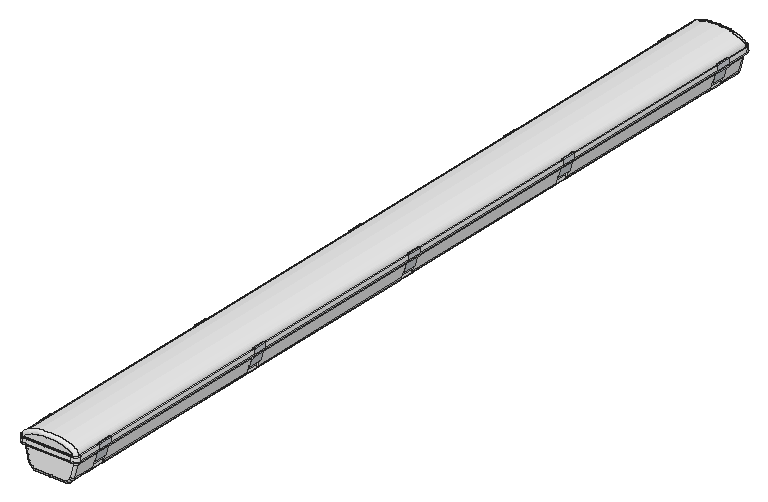
Revit family "0048810", category Lighting Fixtures, host Face, Revit 2017
Family settings
  Host = Face
  Round Connector Dimension = Use Diameter
  Part Type = Normal
  OmniClass Number = 23.80.70.11.14
  OmniClass Title = General Luminaries, Directional
  Cut with Voids When Loaded = No
  Light Source = Yes
  Shared = No
  Room Calculation Point = No
Parameters (values of type "0048810 HYDROPROOF LED G3 1500mm T 4K DALI E3 SSH01 Emergency mode")
  Width = 110 mm
  Weight = "2.97 kg"
  Wattage Comments = "n/a"
  Wattage = 1.64286 W
  WarrantyStartDate [instance] = "n/a"
  WarrantyGuarantorParts = "n/a"
  WarrantyDurationUnit = "n/a"
  WarrantyDurationParts = "n/a"
  WarrantyDescription = "n/a"
  built-in parameter 1150110 = 1 (stored number, unit not read)
  Voltage = 230 V
  URL = "http://www.sylvania-lighting.com"
  TypeName = "HYDROPROOF LED G3 1500mm T 4K DALI E3 SSH01"
  Type Image = <None>
  Type Comments = "n/a"
  built-in parameter 1114217 = 1 (stored number, unit not read)
  Tilt Angle = -90.00°
  built-in parameter 1150109 = 1 (stored number, unit not read)
  built-in parameter 1150134 = 12
  built-in parameter 1150113 = 1 (stored number, unit not read)
  SerialNumber [instance] = "n/a"
  ReflectorMaterial = none
  PowerFactor = 0
  PowerConsumption = "1.642 W"
  Photometric Web File = "0048810EM.ies"
  NominalWidth = 0 mm
  NominalLength = 1578 mm
  NominalHeight = 78 mm
  Name = "HYDROPROOF LED G3 1500mm T 4K DALI E3 SSH01"
  ModelReference = "HYDROPROOF LED G3 1500mm T 4K DALI E3 SSH01"
  ModelNumber = "0048810"
  Model = "HYDROPROOF LED G3 1500mm T 4K DALI E3 SSH01"
  Material = "grp housing, pmma diffuser"
  ManufacturerName = "Feilo Sylvania"
  Manufacturer = "Feilo Sylvania"
  LuminousEfficacy = "140 lm/W"
  built-in parameter 1150105 = 18.303 (stored number, unit not read)
  Lumens = 230 lm
  LuminaireType = ""
  built-in parameter 1150115 = 1 (stored number, unit not read)
  LightOutputRatio = "n/a"
  built-in parameter 1150137 = (empty or 0)
  built-in parameter 1150139 = (empty or 0)
  Length = 1572 mm
  LampsType = Lamp  # "LED"
  LampNominalLuminous = "230 lm"
  LampMacAdamStep = "3"
  LampColourTemperature = "4000 K"
  LampColourRenderingIndex = "80"
  built-in parameter 1150112 = 1 (stored number, unit not read)
  built-in parameter 1150114 = 1 (stored number, unit not read)
  Lamp = "LED"
  Keynote = "16500"
  InstallationDate [instance] = "n/a"
  InputVoltage = "220-240V~"
  InputNominalFrequency = "DC/50/60 Hz"
  built-in parameter 1150132 = (empty or 0)
  built-in parameter 1150102 = (empty or 0)
  built-in parameter 1150107 = 4000 (stored number, unit not read)
  built-in parameter 1150138 = (empty or 0)
  IngressProtection = "IP65"
  ImpactProtectionIndex = "IK02"
  built-in parameter 1150106 = 0.18303 (stored number, unit not read)
  IfcExportType = "IfcLightFixtureType"
  IfcExportAs = "IfcLightFixtureType"
  ExpectedLife = 50000
  Emit from Rectangle Width = Width - 20 mm  # 90 mm
  Emit from Rectangle Length = Length - 20 mm  # 1552 mm
  Emit Shape Visible in Rendering = no
  ElectricShockClassification = "Class I"
  built-in parameter 1150104 = 13.006 (stored number, unit not read)
  DurationUnit = "hours"
  DocumentationLiterature = "http://www.sylvania-lighting.com/product/en-int/products/0048808"
  DimmingControlOptions = "Dimmable"
  Dimming Lamp Color Temperature Shift = <None>
  DiffuserMaterial = Diffuser-Sylvania-Transparent
  Description = "Hydroproof, integrated LED chemical resistant weatherproof luminaire, with UV stabilized flat diffuser and linear prisms designed to achieve uniform lit appearance, optimise light output and to reduce glare, stainless steel diffuser clips and fixing brackets for surface and wall mounting. L 1578 mm x W 110 mm x H 78 mm size, GRP housing, PMMA diffuser, DALI dimmable, 3 hour emergency, 4000K, CRI80,  6900 lm, 49 W, 140 lm/W, nominal average life (h):50000, energy class: A++ A+ A Class I,IK02, IP65."
  Default Elevation = 1219.2 mm
  CreatedOn = "3/27/2018"
  CreatedBy = "aron.fodor@feilosylvania.com"
  Cost = 0
  Color Filter = 16777215
  built-in parameter 1114216 [instance] = (empty or 0)
  ClassificationValue = "EF_70_80"
  ClassificationName = "Uniclass2015"
  BodyMaterial = Body-Sylvania-Gray
  BarCode [instance] = "n/a"
  built-in parameter 1114218 = 1 (stored number, unit not read)
  built-in parameter 1150133 = 10 (stored number, unit not read)
  AssetType = "Fixed"
  AssetIdentifier [instance] = "n/a"
  Assembly Code = "D5020200"
  Apparent Load = 1.64286 VA
  AccessoryMaterial = Diffuser-Sylvania-Glow
Types (2, lengths in mm): name | Wattage | PowerConsumption | Photometric Web File | LuminousEfficacy | built-in parameter 1150105 | Lumens | LampNominalLuminous | built-in parameter 1150106 | built-in parameter 1150104 | Apparent Load
  0048810 HYDROPROOF LED G3 1500mm T 4K DALI E3 SSH01 Emergency mode | 1.64286 W | "1.642 W" | "0048810EM.ies" | "140 lm/W" | 18.303 (stored number, unit not read) | 230 lm | "230 lm" | 0.18303 (stored number, unit not read) | 13.006 (stored number, unit not read) | 1.64286 VA
  0048810 HYDROPROOF LED G3 1500mm T 4K DALI E3 SSH01 | 51 W | "51 W" | "0048810.ies" | "134.5 lm/W" | 545.9 (stored number, unit not read) | 6860 lm | "6900 lm" | 5.459 (stored number, unit not read) | 12.496 (stored number, unit not read) | 51 VA
Reference planes
  plane 1 "Center (Front/Back)": y = 0
  plane 2: z = 0
  plane 3 "Center (Left/Right)": x = 0
  plane 4: z = 54
  plane 5: x = -27.7
  plane 6: x = -34.8
  plane 7: x = -39.6
  plane 8: x = -42.2
  plane 9: z = 3
  plane 10: z = 7.8
  plane 11: z = 12.3
  plane 12: z = 36.6
  plane 13: z = 42.8
  plane 14: x = -51.1
  plane 15: z = 46.2
  plane 16: x = -55
  plane 17: y = 786
  plane 18: y = -786
  plane 19: x = 27.7
  plane 20: x = 34.8
  plane 21: x = 39.6
  plane 22: x = 42.2
  plane 23: x = 51.1
  plane 24: x = 55
  plane 25: y = 778.4
  plane 26: y = -778.4
  plane 27: y = -774.7
  plane 28: y = 774.7
  plane 29: z = 74
  plane 30: x = -51.5
  plane 31: x = 51.5
  plane 32: z = 55.2
  plane 33: y = -782.5
  plane 34: y = 782.5
  plane 35: x = -37.5
  plane 36: x = 37.5
  plane 37: x = -48.7
  plane 38: x = 48.7
  plane 39: x = 18
  plane 40: x = -18
  plane 41: z = 50.2
  plane 42: z = 24.6
  plane 43: y = 720
  plane 44: y = 706
  plane 45: y = 734
  plane 46: y = -720
  plane 47: y = 720
  plane 48: y = 706
  plane 49: y = 734
  plane 50: y = -720
  plane 51: y = -734
  plane 52: y = -706
  plane 53: y = 360
  plane 54: y = 346
  plane 55: y = 374
  plane 56: y = 0
  plane 57: y = -14
  plane 58: y = 14
  plane 59: y = -360
  plane 60: y = -374
  plane 61: y = -346
Forms (mm)
  Sweep 1, solid, material "Body-Sylvania-Gray" <- "BodyMaterial", detail levels medium+fine
    path origin (1223.4, -4572, 54) x (0, -1, 0) y (1, 0, 0)
      loop
        arc (-3796, -1278.4) -> (-3788.929, -1275.471) -> (-3786, -1268.4) r 10
        line (-3786, -1268.4) -> (-3786, -1178.4)
        arc (-3786, -1178.4) -> (-3788.929, -1171.329) -> (-3796, -1168.4) r 10
        line (-3796, -1168.4) -> (-5348, -1168.4)
        arc (-5348, -1168.4) -> (-5355.071, -1171.329) -> (-5358, -1178.4) r 10
        line (-5358, -1178.4) -> (-5358, -1268.4)
        arc (-5358, -1268.4) -> (-5355.071, -1275.471) -> (-5348, -1278.4) r 10
        line (-5348, -1278.4) -> (-3796, -1278.4)
    profile origin (-55, 0, 54) x (-1, 0, 0) y (0, 0, 1)
      loop
        line (0, 0) -> (-1, 0) -> (-1, -7.726)
        arc (-1, -7.726) -> (-1.994, -9.498) -> (-3.9, -10.2) r 2.937
        line (-3.9, -10.2) -> (-8.571, -10.2) -> (-8.571, -11.2) -> (-3.9, -11.2)
        arc (-3.9, -11.2) -> (-1.313, -10.231) -> (0, -7.8) r 3.937
        line (0, -7.8) -> (0, 0)
  Sweep 2, solid, material "Body-Sylvania-Gray" <- "BodyMaterial", detail levels medium+fine
    path origin (0, 0, 0) x (1, 0, 0) y (0, 0, 1)
      loop
        line (48.7, 42.8) -> (48.7, 36.6) -> (42.203, 12.31)
        arc (42.203, 12.31) -> (41.199, 9.884) -> (39.6, 7.8) r 10.052
        line (39.6, 7.8) -> (34.8, 3)
        arc (34.8, 3) -> (31.554, 0.781) -> (27.7, 0) r 9.902
        line (27.7, 0) -> (0, 0) -> (-27.7, 0)
        arc (-27.7, 0) -> (-31.554, 0.781) -> (-34.8, 3) r 9.902
        line (-34.8, 3) -> (-39.6, 7.8)
        arc (-39.6, 7.8) -> (-41.199, 9.884) -> (-42.203, 12.31) r 10.052
        line (-42.203, 12.31) -> (-48.7, 36.6) -> (-48.7, 42.8)
    profile origin (0, 0, 0) x (0, 0, -1) y (0, -1, 0)
      loop
        arc (0, 773.4) -> (-1.464, 776.936) -> (-5, 778.4) r 5
        line (-5, 778.4) -> (-7.8, 778.4) -> (-7.8, -778.4) -> (-5, -778.4)
        arc (-5, -778.4) -> (-1.464, -776.936) -> (0, -773.4) r 5
        line (0, -773.4) -> (0, 773.4)
  Extrusion 3, solid, material "Body-Sylvania-Gray" <- "BodyMaterial", detail levels medium+fine
    sketch origin (1524, 778.4, 1219.2) x (1, 0, 0) y (0, 0, 1)
      loop
        arc (-1558.668, -1204.874) -> (-1558.443, -1205.418) -> (-1558.085, -1205.885) r 2.252
        line (-1558.085, -1205.885) -> (-1553.231, -1210.738)
        arc (-1553.231, -1210.738) -> (-1552.534, -1211.227) -> (-1551.7, -1211.4) r 2.102
        line (-1551.7, -1211.4) -> (-1496.3, -1211.4)
        arc (-1496.3, -1211.4) -> (-1495.466, -1211.227) -> (-1494.769, -1210.738) r 2.102
        line (-1494.769, -1210.738) -> (-1489.915, -1205.885)
        arc (-1489.915, -1205.885) -> (-1489.557, -1205.418) -> (-1489.332, -1204.874) r 2.252
        line (-1489.332, -1204.874) -> (-1483.1, -1181.575) -> (-1483.1, -1176.4) -> (-1564.9, -1176.4) -> (-1564.9, -1181.575) -> (-1558.668, -1204.874)
    from 0 to 1556.8
  Sweep 4, solid, material "Diffuser-Sylvania-Transparent" <- "DiffuserMaterial", detail levels medium+fine
    path origin (0, 0, 0) x (1, 0, 0) y (0, 0, 1)
      loop
        spline (-51.5, 55.2) -> (-49.745, 60.066) -> (-44.6, 64.6) -> (-36.416, 68.494) -> (-25.75, 71.481) -> (-13.329, 73.359) -> (0, 74) -> (13.329, 73.359) -> (25.75, 71.481) -> (36.416, 68.494) -> (44.6, 64.6) -> (49.745, 60.066) -> (51.5, 55.2)
    profile origin (51.5, 0, 55.2) x (0, -1, 0) y (1, 0, 0)
      loop
        arc (782.5, -5.5) -> (780.889, -1.611) -> (777, 0) r 5.5
        line (777, 0) -> (-777, 0)
        arc (-777, 0) -> (-780.889, -1.611) -> (-782.5, -5.5) r 5.5
        line (-782.5, -5.5) -> (-782.5, -6.3) -> (-781.5, -6.3) -> (-781.5, -5.5)
        arc (-781.5, -5.5) -> (-780.182, -2.318) -> (-777, -1) r 4.5
        line (-777, -1) -> (777, -1)
        arc (777, -1) -> (780.182, -2.318) -> (781.5, -5.5) r 4.5
        line (781.5, -5.5) -> (781.5, -6.347) -> (782.5, -6.347) -> (782.5, -5.5)
  Extrusion 5, solid, material "Diffuser-Sylvania-Transparent" <- "DiffuserMaterial", detail levels medium+fine
    sketch origin (1524, -782.5, 1219.2) x (1, 0, 0) y (0, 0, 1)
      loop
        line (-1569.653, -1164) -> (-1478.347, -1164)
        spline (-1478.347, -1164) -> (-1478.969, -1162.594) -> (-1482.527, -1159.545) -> (-1489.588, -1156.201) -> (-1499.458, -1153.445) -> (-1511.242, -1151.663) -> (-1524, -1151.049) -> (-1536.758, -1151.663) -> (-1548.542, -1153.445) -> (-1558.412, -1156.201) -> (-1565.473, -1159.545) -> (-1569.031, -1162.594) -> (-1569.653, -1164)
    from 0 to -1
  Extrusion 6, solid, material "Diffuser-Sylvania-Transparent" <- "DiffuserMaterial", detail levels medium+fine
    sketch origin (1524, 782.5, 1219.2) x (1, 0, 0) y (0, 0, 1)
      loop
        spline (-1478.3, -1164) -> (-1478.931, -1162.565) -> (-1482.502, -1159.505) -> (-1489.572, -1156.155) -> (-1499.446, -1153.394) -> (-1511.236, -1151.614) -> (-1524, -1151.007) -> (-1536.764, -1151.614) -> (-1548.554, -1153.394) -> (-1558.428, -1156.155) -> (-1565.498, -1159.505) -> (-1569.069, -1162.565) -> (-1569.7, -1164)
        line (-1569.7, -1164) -> (-1478.3, -1164)
    from 0 to 1
  Extrusion 7, solid, material "Diffuser-Sylvania-Transparent" <- "DiffuserMaterial", detail levels medium+fine
    sketch origin (1223.4, -4572, 55.2) x (0, -1, 0) y (-1, 0, 0)
      loop
        arc (-5353.5, 1177.4) -> (-5352.182, 1174.218) -> (-5349, 1172.9) r 4.5
        line (-5349, 1172.9) -> (-3795, 1172.9)
        arc (-3795, 1172.9) -> (-3791.818, 1174.218) -> (-3790.5, 1177.4) r 4.5
        line (-3790.5, 1177.4) -> (-3790.5, 1269.4)
        arc (-3790.5, 1269.4) -> (-3791.818, 1272.582) -> (-3795, 1273.9) r 4.5
        line (-3795, 1273.9) -> (-5349, 1273.9)
        arc (-5349, 1273.9) -> (-5352.182, 1272.582) -> (-5353.5, 1269.4) r 4.5
        line (-5353.5, 1269.4) -> (-5353.5, 1177.4)
      loop
        line (-5358, 1268.4) -> (-5358, 1178.4)
        arc (-5358, 1178.4) -> (-5355.071, 1171.329) -> (-5348, 1168.4) r 10
        line (-5348, 1168.4) -> (-3796, 1168.4)
        arc (-3796, 1168.4) -> (-3788.929, 1171.329) -> (-3786, 1178.4) r 10
        line (-3786, 1178.4) -> (-3786, 1268.4)
        arc (-3786, 1268.4) -> (-3788.929, 1275.471) -> (-3796, 1278.4) r 10
        line (-3796, 1278.4) -> (-5348, 1278.4)
        arc (-5348, 1278.4) -> (-5355.071, 1275.471) -> (-5358, 1268.4) r 10
    from 0 to 1.2
  Extrusion 8, solid, material "Diffuser-Sylvania-Glow" <- "AccessoryMaterial", detail levels fine
    sketch origin (0, 0, 0) x (1, 0, 0) y (0, 0, 1)
      loop
        circle (-18, 50.2) r 8
      loop
        circle (18, 50.2) r 8
    from -774.7 to 774.7
  Extrusion 9, void
    sketch origin (0, 720, 2343.807) x (0, 0, -1) y (-1, 0, 0)
      loop
        line (2340.807, -37.5) -> (2331.507, -37.5) -> (2319.207, -42.2) -> (2319.207, -48.7) -> (2340.807, -48.7) -> (2340.807, -37.5)
      loop
        line (2340.807, 37.5) -> (2340.807, 48.7) -> (2319.207, 48.7) -> (2319.207, 42.2) -> (2331.507, 37.5) -> (2340.807, 37.5)
    from -14 to 14
  Extrusion 10, solid, material "Body-Sylvania-Gray" <- "BodyMaterial", detail levels coarse
    sketch origin (0, 0, 0) x (1, 0, 0) y (0, 0, 1)
      loop
        line (55, 42.8) -> (55, 55.2) -> (-55, 55.2) -> (-55, 42.791) -> (-42.2, 0) -> (42.2, 0) -> (55, 42.8)
    from -786 to 786
  Extrusion 11, solid, material "Diffuser-Sylvania-Transparent" <- "DiffuserMaterial", detail levels coarse
    sketch origin (0, 0, 0) x (1, 0, 0) y (0, 0, 1)
      loop
        arc (51.5, 55.2) -> (0, 74) -> (-51.5, 55.2) r 79.939
        line (-51.5, 55.2) -> (51.5, 55.2)
    from 778.4 to -778.4
  Extrusion 12, void, not visible
    sketch origin (0, 720, 2343.807) x (0, 0, -1) y (-1, 0, 0)
      loop
        line (2340.807, -37.5) -> (2331.507, -37.5) -> (2319.207, -42.2) -> (2319.207, -48.7) -> (2340.807, -48.7) -> (2340.807, -37.5)
      loop
        line (2340.807, 37.5) -> (2340.807, 48.7) -> (2319.207, 48.7) -> (2319.207, 42.2) -> (2331.507, 37.5) -> (2340.807, 37.5)
    from -14 to 14
  Extrusion 13, void
    sketch origin (0, -720, 2343.807) x (0, 0, -1) y (-1, 0, 0)
      loop
        line (2340.807, -37.5) -> (2331.507, -37.5) -> (2319.207, -42.2) -> (2319.207, -48.7) -> (2340.807, -48.7) -> (2340.807, -37.5)
      loop
        line (2340.807, 37.5) -> (2340.807, 48.7) -> (2319.207, 48.7) -> (2319.207, 42.2) -> (2331.507, 37.5) -> (2340.807, 37.5)
    from -14 to 14
  Extrusion 14, void
    sketch origin (0, 360, 2343.807) x (0, 0, -1) y (-1, 0, 0)
      loop
        line (2340.807, -37.5) -> (2331.507, -37.5) -> (2319.207, -42.2) -> (2319.207, -48.7) -> (2340.807, -48.7) -> (2340.807, -37.5)
      loop
        line (2340.807, 37.5) -> (2340.807, 48.7) -> (2319.207, 48.7) -> (2319.207, 42.2) -> (2331.507, 37.5) -> (2340.807, 37.5)
    from -14 to 14
  Extrusion 15, void
    sketch origin (0, 0, 2343.807) x (0, 0, -1) y (-1, 0, 0)
      loop
        line (2340.807, -37.5) -> (2331.507, -37.5) -> (2319.207, -42.2) -> (2319.207, -48.7) -> (2340.807, -48.7) -> (2340.807, -37.5)
      loop
        line (2340.807, 37.5) -> (2340.807, 48.7) -> (2319.207, 48.7) -> (2319.207, 42.2) -> (2331.507, 37.5) -> (2340.807, 37.5)
    from -14 to 14
  Extrusion 16, void
    sketch origin (0, -360, 2343.807) x (0, 0, -1) y (-1, 0, 0)
      loop
        line (2340.807, -37.5) -> (2331.507, -37.5) -> (2319.207, -42.2) -> (2319.207, -48.7) -> (2340.807, -48.7) -> (2340.807, -37.5)
      loop
        line (2340.807, 37.5) -> (2340.807, 48.7) -> (2319.207, 48.7) -> (2319.207, 42.2) -> (2331.507, 37.5) -> (2340.807, 37.5)
    from -14 to 14
Cuts and joins
  Extrusion 9, Extrusion 13, Extrusion 14, Extrusion 15, Extrusion 16 cuts Sweep 2
  Extrusion 13, Extrusion 14, Extrusion 15, Extrusion 16 cuts Extrusion 3
  joined: Sweep 2, Extrusion 3
  joined: Sweep 4, Extrusion 5, Extrusion 6
Dimensions and locks
  locked: plane 4 to plane 2 at 54
  plane 5 to plane 6 to plane 7 to plane 8 to plane 14 to plane 16 = 7.1 mm locked, 4.8 mm locked, 2.6 mm locked, 8.9 mm, 3.9 mm
  plane 4 to plane 15 to plane 13 to plane 12 to plane 11 to plane 10 to plane 9 = 7.8 mm locked, 3.4 mm, 6.2 mm locked, 24.3 mm locked, 4.5 mm locked, 4.8 mm locked
  equal spacing: plane 18, plane 1 "Center (Front/Back)", plane 17
  "Length": plane 18 to plane 17
  plane 19 to plane 20 to plane 21 to plane 22 to plane 23 to plane 24 = 7.1 mm locked, 4.8 mm locked, 2.6 mm locked, 8.9 mm, 3.9 mm
  equal spacing: plane 24, plane 3 "Center (Left/Right)", plane 16
  "Width": plane 24 to plane 16
  equal spacing: plane 27, plane 1 "Center (Front/Back)", plane 28
  locked: plane 26 to plane 27 at 3.7
  locked: Sweep 1 sketch curve to profile plane at 1
  locked: Sweep 1 sketch curve to plane 13 at 1
  locked: Sweep 1 sketch curve to plane 13 at 3.937  (x2)
  locked: Sweep 1 sketch curve to profile plane at 3.9  (x2)
  locked: plane 29 to plane 4 at 20
  equal spacing: plane 31, plane 3 "Center (Left/Right)", plane 30
  locked: plane 30 to plane 16 at 3.5
  locked: plane 32 to plane 4 at 1.2
  equal spacing: plane 33, plane 1 "Center (Front/Back)", plane 34
  equal spacing: plane 36, plane 3 "Center (Left/Right)", plane 35
  locked: plane 3 "Center (Left/Right)" to plane 35 at 37.5
  locked: plane 34 to plane 17 at 3.5
  equal spacing: plane 38, plane 3 "Center (Left/Right)", plane 37
  locked: plane 37 to plane 16 at 6.3
  equal spacing: plane 25, plane 1 "Center (Front/Back)", plane 26
  locked: plane 17 to plane 25 at 7.6
  locked: Sweep 2 sketch curve to plane 2 at 5  (x2)
  locked: Sweep 2 sketch curve to plane 26 at 5
  locked: plane 25 to Sweep 2 sketch curve at 5
  locked: Sweep 4 sketch curve to plane 31 at 5.5  (x2)
  locked: Sweep 4 sketch curve to plane 34 at 5.5
  plane 33 to Sweep 4 sketch curve = 5.5 mm
  locked: plane 34 to Sweep 4 sketch curve at 1
  locked: Sweep 4 sketch curve to plane 31 at 1
  locked: Sweep 4 sketch curve to Sweep 4 sketch curve at 1
  locked: Sweep 4 sketch curve to plane 31 at 6.347
  locked: Sweep 4 sketch curve to plane 31 at 6.3
  equal spacing: plane 39, plane 3 "Center (Left/Right)", plane 40
  locked: plane 3 "Center (Left/Right)" to plane 40 at 18
  locked: plane 42 to plane 2 at 24.6
  plane 45 to plane 43 to plane 44 = 14 mm locked, 14 mm locked
  locked: plane 17 to plane 43 at 66
  equal spacing: plane 43, plane 1 "Center (Front/Back)", plane 46
  plane 49 to plane 47 to plane 48 = 14 mm locked, 14 mm locked
  plane 52 to plane 50 to plane 51 = 14 mm locked, 14 mm locked  (x2)
  equal spacing: group 1, group 6, group 7, group 8, group 5  (x2)
  equal spacing: group 5, group 8, group 7, group 6, group 1
  plane 55 to plane 53 to plane 54 = 14 mm locked, 14 mm locked  (x2)
  plane 58 to plane 56 to plane 57 = 14 mm locked, 14 mm locked  (x2)
  plane 61 to plane 59 to plane 60 = 14 mm locked, 14 mm locked  (x2)
  plane 43 to plane 53 to plane 1 "Center (Front/Back)" to plane 59 to plane 50 = 360 mm locked, 360 mm locked, 360 mm locked, 360 mm locked
  aligned and locked: plane 2 to host face
  aligned and locked: level to host face
  aligned and locked: plane 16 to Sweep 1 sketch curve
  aligned and locked: Sweep 1 sketch curve to plane 24
  aligned and locked: plane 18 to Sweep 1 sketch curve
  aligned and locked: Sweep 1 sketch curve to plane 13
  aligned and locked: profile plane to Sweep 1 sketch curve
  aligned and locked: plane 3 "Center (Left/Right)" to Sweep 2 sketch curve
  aligned and locked: plane 9 to Sweep 2 sketch curve
  aligned and locked: plane 10 to Sweep 2 sketch curve
  aligned and locked: plane 37 to Sweep 2 sketch curve
  aligned and locked: plane 12 to Sweep 2 sketch curve
  aligned and locked: Sweep 2 sketch curve to level
  aligned and locked: plane 21 to Sweep 2 sketch curve
  aligned and locked: plane 38 to Sweep 2 sketch curve
  aligned and locked: profile plane to Sweep 2 sketch curve
  aligned and locked: plane 25 to Sweep 2 sketch curve
  aligned and locked: Sweep 2 sketch curve to plane 10
  aligned and locked: Extrusion 3 sketch curve to Sweep 2  (x7)
  aligned and locked: Sweep 2 to Extrusion 3 sketch curve
  aligned and locked: Extrusion 3 to plane 25
  aligned and locked: plane 26 to Extrusion 3
  aligned and locked: plane 32 to Sweep 4 sketch curve
  aligned and locked: plane 33 to Sweep 4 sketch curve
  aligned and locked: Sweep 4 to Extrusion 5
  aligned and locked: plane 33 to Extrusion 5
  aligned and locked: Extrusion 5 sketch curve to Sweep 4
  aligned and locked: cut or joined group of Sweep 4, Extrusion 5, Extrusion 6 to Extrusion 6 sketch curve
  aligned and locked: Extrusion 7 sketch curve to cut or joined group of Sweep 4, Extrusion 5, Extrusion 6  (x2)
  aligned and locked: cut or joined group of Sweep 4, Extrusion 5, Extrusion 6 to Extrusion 7 sketch curve  (x2)
  aligned and locked: plane 41 to Extrusion 8 sketch curve  (x2)
  aligned and locked: plane 39 to Extrusion 8 sketch curve
  aligned and locked: plane 27 to Extrusion 8
  aligned and locked: Extrusion 8 to plane 28
  aligned and locked: Extrusion 9 to plane 42
  aligned and locked: plane 9 to Extrusion 9
  aligned and locked: plane 44 to Extrusion 9
  aligned and locked: Extrusion 9 to plane 45
  aligned and locked: Extrusion 7 sketch curve to Sweep 1  (x4)
  aligned and locked: plane 4 to Extrusion 7
  aligned and locked: Extrusion 7 to plane 32
  aligned and locked: nested 2 to plane 43
  aligned and locked: plane 43 to nested 1
  aligned and locked: Extrusion 10 sketch curve to plane 24
  aligned and locked: Extrusion 10 sketch curve to Extrusion 7
  aligned and locked: plane 8 to Extrusion 10 sketch curve
  aligned and locked: plane 22 to Extrusion 10 sketch curve
  aligned and locked: level to Extrusion 10 sketch curve
  aligned and locked: Extrusion 10 to plane 17
  aligned and locked: plane 18 to Extrusion 10
  aligned and locked: cut or joined group of Sweep 4, Extrusion 5, Extrusion 6 to Extrusion 11 sketch curve
  aligned and locked: Extrusion 11 sketch curve to cut or joined group of Sweep 4, Extrusion 5, Extrusion 6  (x2)
  aligned and locked: plane 31 to Extrusion 11 sketch curve
  aligned and locked: plane 30 to Extrusion 11 sketch curve
  aligned and locked: plane 26 to Extrusion 11
  aligned and locked: Extrusion 11 to plane 25
  aligned and locked: imposter light to plane 29
  aligned and locked: plane 3 "Center (Left/Right)" to imposter light
  aligned and locked: plane 1 "Center (Front/Back)" to imposter light
  aligned and locked: plane 51 to Extrusion 13
  aligned and locked: Extrusion 13 to plane 52
  aligned and locked: plane 54 to Extrusion 14
  aligned and locked: Extrusion 14 to plane 55
  aligned and locked: plane 57 to Extrusion 15
  aligned and locked: Extrusion 15 to plane 58
  aligned and locked: plane 60 to Extrusion 16
  aligned and locked: Extrusion 16 to plane 61
  aligned and locked: nested 3 to plane 53
  aligned and locked: plane 53 to nested 10
  aligned and locked: nested 4 to plane 56
  aligned and locked: plane 56 to nested 9
  aligned and locked: nested 5 to plane 59
  aligned and locked: plane 59 to nested 8
  aligned and locked: nested 6 to plane 50
  aligned and locked: plane 50 to nested 7
Automatic sketch dimensions
  host sketch curve to host sketch curve = 2438.4 mm  (x2)
  plane 17 to Sweep 1 sketch curve = 0 mm
  Sweep 1 sketch curve to plane 28 = 1.3 mm
  Sweep 1 sketch curve to plane 7 = 5.4 mm
  plane 27 to Sweep 1 sketch curve = 1.3 mm  (x2)
  Sweep 1 sketch curve to Sweep 1 sketch curve = 4.671 mm
  Sweep 1 sketch curve to plane 4 = 0 mm
  Sweep 2 sketch curve to plane 7 = 0 mm
  Sweep 2 sketch curve to plane 6 = 0 mm
  Sweep 2 sketch curve to plane 5 = 0 mm
  plane 19 to Sweep 2 sketch curve = 0 mm
  Sweep 2 sketch curve to plane 9 = 0 mm
  plane 20 to Sweep 2 sketch curve = 0 mm
  Sweep 2 sketch curve to plane 12 = 0 mm
  Sweep 2 sketch curve to plane 10 = 0 mm
  Sweep 2 sketch curve to plane 13 = 0 mm  (x2)
  Sweep 2 sketch curve to plane 8 = 0.003 mm
  plane 6 to Sweep 2 sketch curve = 2.308 mm
  plane 20 to Sweep 2 sketch curve = 2.308 mm
  Sweep 2 sketch curve to plane 22 = 0.003 mm
  Sweep 2 sketch curve to plane 11 = 0.01 mm  (x2)
  Extrusion 3 sketch curve to plane 5 = 0 mm
  plane 19 to Extrusion 3 sketch curve = 0 mm
  plane 6 to Extrusion 3 sketch curve = 0.132 mm
  plane 6 to Extrusion 3 sketch curve = 0.715 mm
  Extrusion 3 sketch curve to Extrusion 3 sketch curve = 1.592 mm
  Extrusion 3 sketch curve to plane 10 = 0.662 mm  (x2)
  plane 20 to Extrusion 3 sketch curve = 2.308 mm
  plane 20 to Extrusion 3 sketch curve = 0.715 mm
  plane 20 to Extrusion 3 sketch curve = 0.132 mm
  Sweep 4 sketch curve to plane 30 = 0 mm
  Sweep 4 sketch curve to plane 3 "Center (Left/Right)" = 0 mm
  Sweep 4 sketch curve to Sweep 4 sketch curve = 0 mm  (x2)
  plane 37 to Extrusion 5 sketch curve = 3.047 mm
  Extrusion 5 sketch curve to plane 38 = 3.047 mm
  plane 37 to Extrusion 6 sketch curve = 3 mm
  Extrusion 6 sketch curve to plane 38 = 3 mm
  plane 25 to Extrusion 7 sketch curve = 1.4 mm  (x2)
  Extrusion 7 sketch curve to plane 26 = 1.4 mm  (x2)
  Extrusion 8 sketch curve to plane 40 = 0 mm
  Extrusion 9 sketch curve to Extrusion 9 sketch curve = 0 mm
  Extrusion 9 sketch curve to Extrusion 9 sketch curve = 12.3 mm  (x2)
  Extrusion 9 sketch curve to Extrusion 9 sketch curve = 9.3 mm  (x2)
  Extrusion 9 sketch curve to Extrusion 9 sketch curve = 6.5 mm
  Extrusion 9 sketch curve to Extrusion 9 sketch curve = 4.7 mm  (x2)
  Extrusion 9 sketch curve to Extrusion 9 sketch curve = 75 mm
  Extrusion 9 sketch curve to Extrusion 9 sketch curve = 11.2 mm
  Extrusion 10 sketch curve to plane 13 = 0 mm
  plane 13 to Extrusion 10 sketch curve = 0.009 mm
  Extrusion 11 sketch curve to level = 5.939 mm
  Extrusion 10 sketch curve to plane 16 = 0 mm
  Extrusion 12 sketch curve to Extrusion 12 sketch curve = 0 mm
  Extrusion 12 sketch curve to Extrusion 12 sketch curve = 12.3 mm  (x2)
  Extrusion 12 sketch curve to Extrusion 12 sketch curve = 9.3 mm  (x2)
  Extrusion 12 sketch curve to Extrusion 12 sketch curve = 6.5 mm
  Extrusion 12 sketch curve to Extrusion 12 sketch curve = 4.7 mm  (x2)
  Extrusion 12 sketch curve to Extrusion 12 sketch curve = 75 mm
  Extrusion 12 sketch curve to Extrusion 12 sketch curve = 11.2 mm
  Extrusion 13 sketch curve to Extrusion 13 sketch curve = 0 mm
  Extrusion 13 sketch curve to Extrusion 13 sketch curve = 12.3 mm  (x2)
  Extrusion 13 sketch curve to Extrusion 13 sketch curve = 9.3 mm  (x2)
  Extrusion 13 sketch curve to Extrusion 13 sketch curve = 6.5 mm
  Extrusion 13 sketch curve to Extrusion 13 sketch curve = 4.7 mm  (x2)
  Extrusion 13 sketch curve to Extrusion 13 sketch curve = 75 mm
  Extrusion 13 sketch curve to Extrusion 13 sketch curve = 11.2 mm
  Extrusion 14 sketch curve to Extrusion 14 sketch curve = 0 mm
  Extrusion 14 sketch curve to Extrusion 14 sketch curve = 12.3 mm  (x2)
  Extrusion 14 sketch curve to Extrusion 14 sketch curve = 9.3 mm  (x2)
  Extrusion 14 sketch curve to Extrusion 14 sketch curve = 6.5 mm
  Extrusion 14 sketch curve to Extrusion 14 sketch curve = 4.7 mm  (x2)
  Extrusion 14 sketch curve to Extrusion 14 sketch curve = 75 mm
  Extrusion 14 sketch curve to Extrusion 14 sketch curve = 11.2 mm
  Extrusion 15 sketch curve to Extrusion 15 sketch curve = 0 mm
  Extrusion 15 sketch curve to Extrusion 15 sketch curve = 12.3 mm  (x2)
  Extrusion 15 sketch curve to Extrusion 15 sketch curve = 9.3 mm  (x2)
  Extrusion 15 sketch curve to Extrusion 15 sketch curve = 6.5 mm
  Extrusion 15 sketch curve to Extrusion 15 sketch curve = 4.7 mm  (x2)
  Extrusion 15 sketch curve to Extrusion 15 sketch curve = 75 mm
  Extrusion 15 sketch curve to Extrusion 15 sketch curve = 11.2 mm
  Extrusion 16 sketch curve to Extrusion 16 sketch curve = 0 mm
  Extrusion 16 sketch curve to Extrusion 16 sketch curve = 12.3 mm  (x2)
  Extrusion 16 sketch curve to Extrusion 16 sketch curve = 9.3 mm  (x2)
  Extrusion 16 sketch curve to Extrusion 16 sketch curve = 6.5 mm
  Extrusion 16 sketch curve to Extrusion 16 sketch curve = 4.7 mm  (x2)
  Extrusion 16 sketch curve to Extrusion 16 sketch curve = 75 mm
  Extrusion 16 sketch curve to Extrusion 16 sketch curve = 11.2 mm
  radius of Extrusion 8 sketch curve = 8 mm  (x2)
Nested families
  nested 1: "Clip" at (42.2, 720, 24.6), type "Clip", detail levels fine
  nested 2: "Clip" at (-42.2, 720, 24.6) x (-1, 0, 0) z (0, 0, 1), type "Clip", detail levels fine
  nested 3: "Clip" at (-42.2, 360, 24.6) x (-1, 0, 0) z (0, 0, 1), type "Clip", detail levels fine
  nested 4: "Clip" at (-42.2, 0, 24.6) x (-1, 0, 0) z (0, 0, 1), type "Clip", detail levels fine
  nested 5: "Clip" at (-42.2, -360, 24.6) x (-1, 0, 0) z (0, 0, 1), type "Clip", detail levels fine
  nested 6: "Clip" at (-42.2, -720, 24.6) x (-1, 0, 0) z (0, 0, 1), type "Clip", detail levels fine
  nested 7: "Clip" at (42.2, -720, 24.6), type "Clip", detail levels fine
  nested 8: "Clip" at (42.2, -360, 24.6), type "Clip", detail levels fine
  nested 9: "Clip" at (42.2, 0, 24.6), type "Clip", detail levels fine
  nested 10: "Clip" at (42.2, 360, 24.6), type "Clip", detail levels fine
Connectors
  electrical at (0, 0, 0), driven by "Apparent Load"
    settings: index 1, voltage 230 V, apparent load 1.64286 VA, apparent load phase1 0 VA, apparent load phase2 0 VA, apparent load phase3 0 VA, power factor 0, load classification "Lighting", number of poles 1, system type 30, power factor state 1, is connector primary yes, connector utility no, sub classification motor no, connector description ""
Definition of nested family "Clip"
  Parameters (values of type "Clip")
    URL = "http://www.feilosylvania.com"
    Type Comments = "n/a"
    Model = "n/a"
    Manufacturer = "Feilo Sylvania"
    Keynote = "n/a"
    Description = "n/a"
    Default Elevation = 1219.2 mm
    Cost = 0
    BodyMaterial = none
    Assembly Code = "n/a"
  Reference planes
    plane 1 "Center (Front/Back)": y = 0
    plane 2: z = 0
    plane 3 "Center (Left/Right)": x = 0
    plane 4: x = 3.3
    plane 5: x = 6.5
    plane 6: x = 8.9
    plane 7: x = 12.8
    plane 8: z = 12
    plane 9: z = 18.2
    plane 10: z = 21.6
    plane 11: z = 30.6
    plane 12: x = 9.3
    plane 13: z = 19.2
    plane 14: z = 16.2
    plane 15: x = 10.1
    plane 16: y = 12
    plane 17: y = -12
  Forms (mm)
    Extrusion 1, solid
      sketch origin (-0.8, 0, 0) x (1, 0, 0) y (0, 1, 0)
        loop
          line (-1219.2, 1219.2) -> (-1219.2, -1219.2) -> (1219.2, -1219.2) -> (1219.2, 1219.2) -> (-1219.2, 1219.2)
      from 0 to -304.8
    Extrusion 2, solid
      sketch origin (0, 0, 0) x (1, 0, 0) y (0, 0, 1)
        loop
          line (8.9, 16.2) -> (4.58, 0) -> (0, 0) -> (0, -0.8) -> (5.195, -0.8) -> (9.603, 15.731) -> (13.6, 18.806) -> (13.6, 30.6)
          arc (13.6, 30.6) -> (11.45, 32.75) -> (9.3, 30.6) r 2.15
          line (9.3, 30.6) -> (10.1, 30.6)
          arc (10.1, 30.6) -> (11.45, 31.95) -> (12.8, 30.6) r 1.35
          line (12.8, 30.6) -> (12.8, 19.2) -> (8.9, 16.2)
      from -12 to 12
  Lines and regions (mm)
    reference lines
      curve 1: line (3.3, 0, 0) -> (6.5, 0, 12)
      curve 2: arc (8.9, 0, 18.2) -> (11.488, 0, 19.169) -> (12.8, 0, 21.6) r 3.934
  Dimensions and locks
    plane 7 to plane 6 to plane 5 to plane 4 to plane 3 "Center (Left/Right)" = 3.9 mm locked, 2.4 mm locked, 3.2 mm locked, 3.3 mm locked
    plane 11 to plane 10 to plane 9 to plane 8 to plane 2 = 9 mm locked, 3.4 mm locked, 6.2 mm locked, 12 mm locked
    locked: plane 7 to plane 12 at 3.5
    locked: plane 13 to plane 9 at 1
    locked: plane 9 to plane 14 at 2
    locked: plane 15 to plane 12 at 0.8
    locked: plane 2 to Extrusion 2 sketch curve at 0.8
    locked: Extrusion 2 sketch curve to Extrusion 2 sketch curve at 0.8  (x3)
    locked: plane 7 to Extrusion 2 sketch curve at 1.35
    equal spacing: plane 17, plane 1 "Center (Front/Back)", plane 16
    locked: plane 1 "Center (Front/Back)" to plane 16 at 12
    aligned and locked: plane 2 to Extrusion 1
    aligned and locked: level to Extrusion 1
    aligned and locked: plane 4 to curve 1
    aligned and locked: plane 5 to curve 1
    aligned and locked: plane 6 to curve 2
    aligned and locked: plane 10 to curve 2
    aligned and locked: plane 14 to Extrusion 2 sketch curve
    aligned and locked: plane 13 to Extrusion 2 sketch curve
    aligned and locked: plane 7 to Extrusion 2 sketch curve
    aligned and locked: plane 3 "Center (Left/Right)" to Extrusion 2 sketch curve
    aligned and locked: Extrusion 2 sketch curve to level
    aligned and locked: Extrusion 2 sketch curve to plane 11
    aligned and locked: plane 11 to Extrusion 2 sketch curve
    aligned and locked: Extrusion 2 to plane 16
    aligned and locked: plane 17 to Extrusion 2
  Automatic sketch dimensions
    Extrusion 1 sketch curve to Extrusion 1 sketch curve = 2438.4 mm  (x2)
    curve 2 to plane 7 = 0 mm
    curve 1 to level = 0 mm
    curve 1 to plane 8 = 0 mm
    curve 2 to plane 9 = 0 mm
    plane 6 to curve 2 = 0.002 mm
    Extrusion 2 sketch curve to Extrusion 2 sketch curve = 0 mm
    Extrusion 2 sketch curve to plane 6 = 0 mm
    plane 4 to Extrusion 2 sketch curve = 1.28 mm
